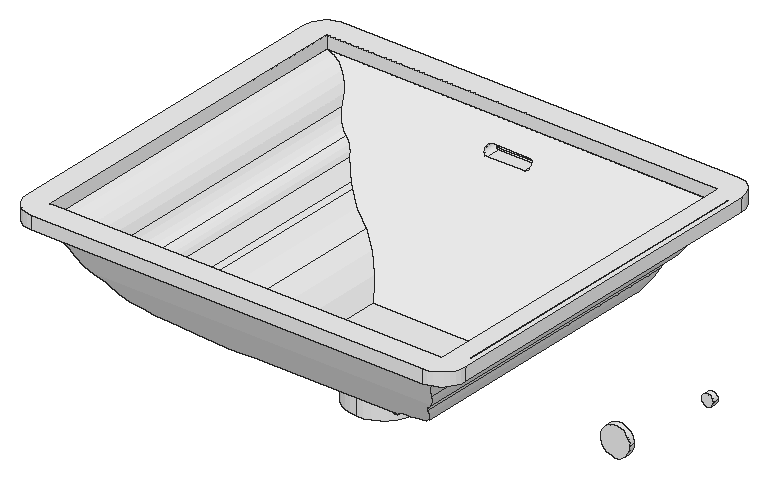
Revit family "Lavatory-Undercounter_Transitional_LT626_TOTO", category Plumbing Fixtures, host Face, Revit 2013 (continued)
Definition of nested family "LT626"
  Automatic sketch dimensions
    curve 30 to plane 13 = 0"
    curve 130 to plane 12 = 0"
    curve 130 to plane 16 = 0"
    curve 13 to plane 14 = 0"
    curve 27 to plane 5 = 0"
    curve 132 to plane 3 "Center (Left/Right)" = 0"
    curve 131 to plane 12 = 0"
    plane 17 to curve 131 = 0"
    plane 8 to curve 26 = 0"
    curve 132 to plane 11 = 0"
    curve 30 to plane 9 = 0.75977"
    curve 11 to curve 30 = 0.85225"
    curve 30 to curve 30 = 0.93677"
    curve 31 to curve 30 = 0"
    curve 31 to curve 32 = 0.32061"
    curve 32 to curve 32 = 0.2961"
    curve 31 to curve 32 = 0"
    curve 31 to curve 33 = 0.1863"
    curve 32 to curve 33 = 0"
    curve 32 to curve 33 = 0.76708"
    curve 34 to curve 33 = 0"
    curve 31 to plane 13 = 0.95666"
    curve 32 to curve 31 = 0.98105"
    plane 5 to curve 35 = 0.4666"
    curve 35 to plane 16 = 1.80514"
    curve 34 to curve 35 = 0.70405"
    curve 34 to plane 16 = 1.20211"
    curve 34 to curve 33 = 0.09213"
    plane 18 to curve 35 = 0.36487"
    curve 38 to curve 35 = 0"
    plane 18 to curve 36 = 0.03471"
    plane 14 to curve 37 = 0.05324"
    curve 38 to curve 37 = 0.75857"
    curve 36 to curve 37 = 0"
    curve 36 to curve 13 = 0.50171"
    curve 37 to curve 27 = 0.11379"
    plane 3 "Center (Left/Right)" to curve 23 = 1.13198"
    plane 3 "Center (Left/Right)" to curve 29 = 1 1/2"
    plane 3 "Center (Left/Right)" to curve 24 = 1.61379"
    plane 14 to curve 24 = 0.05324"
    curve 25 to curve 24 = 0.50171"
    curve 23 to curve 24 = 0"
    curve 23 to curve 22 = 0.53692"
    plane 18 to curve 23 = 0.03471"
    plane 18 to curve 22 = 0.36487"
    curve 23 to curve 22 = 0.4521"
    curve 21 to curve 22 = 0"
    curve 19 to plane 17 = 1.10997"
    curve 19 to curve 20 = 0.09213"
    curve 21 to plane 17 = 1.43684"
    plane 5 to curve 21 = 0.4666"
    curve 19 to curve 17 = 1.00324"
    curve 20 to curve 19 = 0.70405"
    curve 20 to curve 19 = 0"
    curve 20 to curve 19 = 0.76708"
    curve 18 to curve 19 = 0"
    curve 19 to curve 17 = 0.1863"
    curve 18 to curve 17 = 0"
    curve 19 to curve 18 = 0.4824"
    curve 17 to curve 16 = 0.61671"
    curve 17 to curve 16 = 0"
    plane 8 to curve 16 = 0.85225"
    curve 16 to plane 8 = 0.75977"
    curve 47 to curve 59 = 0"  (x2)
    curve 48 to curve 60 = 0"  (x2)
    curve 45 to plane 7 = 0"
    curve 46 to plane 13 = 0"
    curve 53 to plane 14 = 0"
    curve 54 to plane 5 = 0"
    curve 61 to plane 1 "Center (Front/Back)" = 0"
    curve 42 to plane 6 = 0"
    curve 140 to plane 15 "Wall Closure" = 0"
    curve 133 to plane 15 "Wall Closure" = 0"
    curve 39 to plane 4 = 0"
    curve 40 to curve 46 = 0.72121"
    plane 18 to curve 62 = 1.67065"
    plane 7 to curve 62 = 3.40924"
    plane 1 "Center (Front/Back)" to curve 47 = 3.29016"
    plane 18 to curve 49 = 0.14435"
    curve 62 to curve 49 = 1.94149"
    curve 46 to curve 49 = 0"
    plane 18 to curve 63 = 0.03471"
    curve 49 to curve 63 = 0.19109"
    curve 53 to curve 49 = 0.07535"
    curve 49 to curve 56 = 0.42465"
    curve 55 to plane 1 "Center (Front/Back)" = 1 1/2"
    curve 48 to plane 1 "Center (Front/Back)" = 1.77105"
    curve 50 to curve 43 = 0.42603"
    curve 54 to curve 60 = 0.45363"
    curve 43 to curve 63 = 1.03215"
    plane 18 to curve 48 = 0.14435"
    curve 47 to curve 48 = 0"
    curve 60 to plane 14 = 0.45098"
    curve 59 to curve 60 = 0"
    curve 58 to plane 13 = 0.77387"
    curve 58 to curve 47 = 2.01658"
    curve 58 to curve 59 = 0"
    curve 134 to plane 15 "Wall Closure" = 1/4"
    curve 138 to plane 15 "Wall Closure" = 1/4"
    plane 12 to curve 134 = 1/4"
    curve 135 to plane 12 = 1/4"
    plane 11 to curve 140 = 5/8"
    curve 140 to plane 11 = 5/8"
    curve 38 to curve 36 = 0.4521"
    radius of Extrusion 15 sketch curve = 1 1/2"
    radius of curve 117 = 0.86615"
    radius of curve 130 = 1/4"
    radius of curve 131 = 1/4"
    radius of curve 132 = 5/8"
